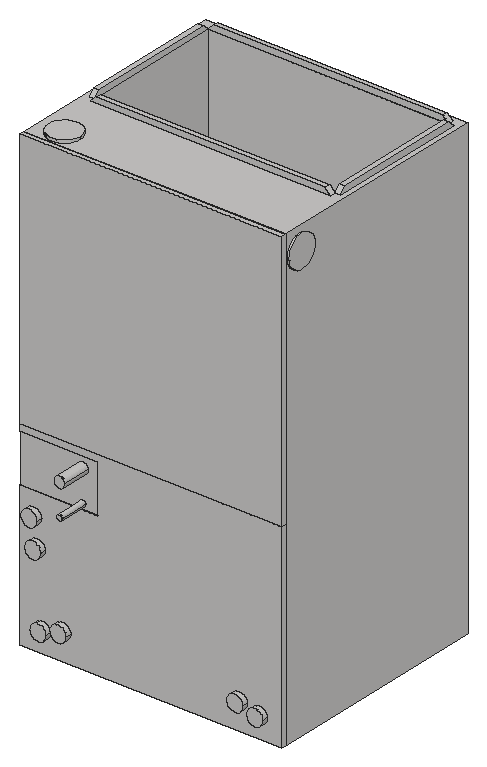
Revit family
Parameters (values of type "PVFY-P54E00A")
  Width = 24 1/2"
  Vertical Drain Connections = 193/256"
  URL = ""
  Type Comments = ""
  Subcategory = "HVAC"  # constant formula
  Specification URL = "\"http://www.mrslim.com/customerCare/resources.asp\""
  SmartBIM Object Version = 3  # constant formula
  SmartBIM Object Created By = "Reed Construction Data"  # constant formula
  Refrigerant Pipe diameter (Liquid) = "3/8\""
  Refrigerant Pipe diameter (Gas) = "5/8\""
  Power Source = "208/230, 1, 60"  # constant formula
  Power Consumption Heating = "0.171 / 0.171 kW"  # constant formula
  Power Consumption Cooling = "0.171 / 0.171 kW"  # constant formula
  Unit Weight (LBS) = "168"
  Motor Type = "High Efficiency DC Motor"  # constant formula
  Model = "PVFY-P54E00A"
  Manufacturer URL = "http://www.mrslim.com/customerCare/resources.asp"
  MCA = "3.53/3.14"
  Manufacturer = "Mitsubishi Electric"  # constant formula
  Low Voltage Inlet = 1 1/2"
  Liquid Pipe Radius = 65/256"
  Line Voltage Inlet = 1 1/2"
  Installation URL = "http://www.mrslim.com/customerCare/resources.asp"
  Height = 58 3/4"
  Gas Pipe Radius = 1/2"
  Fan Type & Quantity = "Forward Curved Blower x 1"  # constant formula
  Fan capacity (CFM) = "1114-1426-1576"
  E.S.P (In. W.G.) = ".30-.50"
  External Heat Adapter (Option) = "PAC-YU25HT-F"  # constant formula
  External Finish = Pre-painted heavy-gauge steel
  Drain Connections Primary and Secondary = "FPT 3/4\" / 19.05 mm"
  Horizontal Drain Connections = 193/256"
  Description = "Vertical Air Handler"
  Depth = 21 3/4"
  MOCP = "15"
  Default Elevation = 48"
  Current Heating = "0.69 / 0.61 A"
  Current Cooling = "0.69 / 0.61 A"
  Coil Type = "Cross Fin(Aluminum Plate Fin and Copper Tube)"  # constant formula
  Heating Capacity (BTU) = "60000"
  Cooling Capacity (BTU) = "54000"
  CN24 Relay Kit (Option) = "CN24RELAY-KIT-CM"  # constant formula
  Assembly Code = "D3050200"
  95 CSI = "15760"  # constant formula
  04 CSI = "23 82 19"  # constant formula
Types (7): name | Width | Refrigerant Pipe diameter (Liquid) | Refrigerant Pipe diameter (Gas) | Unit Weight (LBS) | Model | MCA | Height | Fan capacity (CFM) | Depth | Heating Capacity (BTU) | Cooling Capacity (BTU)
  PVFY-P12E00A | 17 3/4" | "1/4\"" | "1/2\"" | "88" | "PVFY-P12E00A" | "0.86/0.76" | 42 3/4" | "243-320-376 " | 21" | "13500" | "12000"
  PVFY-P18E00A | 17 3/4" | "1/4\"" | "1/2\"" | "98" | "PVFY-P18E00A" | "1.85/1.64" | 42 3/4" | "385-481-531 " | 21" | "20000" | "18000"
  PVFY-P24E00A | 17 3/4" | "3/8\"" | "5/8\"" | "108" | "PVFY-P24E00A" | "1.85/1.64" | 42 3/4" | "483-636-705" | 21" | "27000" | "24000"
  PVFY-P30E00A | 21" | "3/8\"" | "5/8\"" | "115" | "PVFY-P30E00A" | "2.97/2.64" | 42 3/4" | "637-800-886" | 21" | "34000" | "30000"
  PVFY-P36E00A | 21" | "3/8\"" | "5/8\"" | "120" | "PVFY-P36E00A" | "2.41/2.14" | 42 3/4" | "784-954-1057" | 21" | "40000" | "36000"
  PVFY-P48E00A | 24 1/2" | "3/8\"" | "5/8\"" | "160" | "PVFY-P48E00A" | "2.84/2.51" | 58 3/4" | "982-1268-1405" | 21 3/4" | "54000" | "48000"
  PVFY-P54E00A | 24 1/2" | "3/8\"" | "5/8\"" | "168" | "PVFY-P54E00A" | "3.53/3.14" | 58 3/4" | "1114-1426-1576" | 21 3/4" | "60000" | "54000"
Reference planes (in)
  plane 1 "Center (Front/Back)": y = -6.30137
  plane 2: z = 0
  plane 3 "Center (Left/Right)": x = -3.35057
  plane 4: y = 4.22988
  plane 5: y = -17.52012
  plane 6: x = -15.60057
  plane 7: x = 8.89943
  plane 8: z = 42.875
  plane 9: y = 3.72988
  plane 10: x = -15.10057
  plane 11: x = 8.39943
  plane 12: y = 3.22988
  plane 13: y = -10.52012
  plane 14: y = -10.02012
  plane 15: x = -14.60057
  plane 16: x = 7.89943
  plane 17: x = -9.72557
  plane 18: y = -20.20762
  plane 19: y = -17.08262
  plane 20: z = 18.54366
  plane 21: z = 18.54366
  plane 22: y = -17.44145
  plane 23: z = 43.40533
  plane 24: y = -18.02012
  plane 25: z = 2.00962
  plane 26: z = 43.10938
  plane 27: x = 9.14943
  plane 28: z = 0.125
  plane 29: y = -41.52012
Forms (in)
  Extrusion 1, solid, material "Pre-painted heavy-gauge steel" <- "External Finish"
    sketch origin (0, 0, 0) x (1, 0, 0) y (0, 1, 0)
      loop
        line (-15.60057, 4.22988) -> (-15.60057, -17.08262) -> (8.89943, -17.08262) -> (8.89943, 4.22988) -> (-15.60057, 4.22988)
      loop
        line (-14.60057, 3.22988) -> (-14.60057, -10.02012) -> (7.89943, -10.02012) -> (7.89943, 3.22988) -> (-14.60057, 3.22988)
    from 0 to 42.875
  Extrusion 2, solid, material "Pre-painted heavy-gauge steel" <- "External Finish"
    sketch origin (0, -6.30137, 0) x (1, 0, 0) y (0, 0, 1)
      loop
        line (-14.60057, 42.875) -> (7.89943, 42.875) -> (7.3691, 43.40533) -> (-14.07024, 43.40533) -> (-14.60057, 42.875)
    from 3.71875 to 4.21875
  Extrusion 3, solid, material "Pre-painted heavy-gauge steel" <- "External Finish"
    sketch origin (0, 0.13613, 0) x (1, 0, 0) y (0, 0, -1)
      loop
        line (-14.60057, -42.875) -> (-14.07024, -43.40533) -> (7.3691, -43.40533) -> (7.89943, -42.875) -> (-14.60057, -42.875)
    from 3.09375 to 3.59375
  Extrusion 4, solid, material "Pre-painted heavy-gauge steel" <- "External Finish"
    sketch origin (-6.13182, -1.23205, 0) x (0, 1, 0) y (0, 0, -1)
      loop
        line (-8.78807, -42.875) -> (-8.25774, -43.40533) -> (3.9316, -43.40533) -> (4.46193, -42.875) -> (-8.78807, -42.875)
    from 8.46875 to 8.96875
  Extrusion 5, solid, material "Pre-painted heavy-gauge steel" <- "External Finish"
    sketch origin (0.68068, -1.23205, 0) x (0, 1, 0) y (0, 0, 1)
      loop
        line (-8.78807, 42.875) -> (4.46193, 42.875) -> (3.9316, 43.40533) -> (-8.25774, 43.40533) -> (-8.78807, 42.875)
    from 7.21875 to 7.71875
  Extrusion 6, solid, material "Pre-painted heavy-gauge steel" <- "External Finish"
    sketch origin (0, -6.30137, 0) x (1, 0, 0) y (0, 0, 1)
      loop
        circle (-9.72557, 16.90744) r 0.5
    from 11.21875 to 13.90625
  Extrusion 7, solid, material "Pre-painted heavy-gauge steel" <- "External Finish"
    sketch origin (0, -6.30137, 0) x (1, 0, 0) y (0, 0, 1)
      loop
        circle (-9.72557, 13.94192) r 0.25391
    from 11.21875 to 13.90625
  Extrusion 8, solid, material "Pre-painted heavy-gauge steel" <- "External Finish"
    sketch origin (-3.35057, 0, 0) x (0, 1, 0) y (0, 0, 1)
      loop
        line (-17.08262, 18.54366) -> (-17.08262, 42.875) -> (-17.52012, 42.875) -> (-17.52012, 18.54366) -> (-17.08262, 18.54366)
    from -12.25 to 12.25
  Extrusion 9, solid, material "Pre-painted heavy-gauge steel" <- "External Finish"
    sketch origin (-3.35057, 0, 0) x (0, 1, 0) y (0, 0, 1)
      loop
        line (-17.08262, 0) -> (-17.08262, 18.54366) -> (-17.52012, 18.54366) -> (-17.52012, 0) -> (-17.08262, 0)
    from -12.25 to 12.25
  Extrusion 10, void
    sketch origin (0, -6.30137, 0) x (1, 0, 0) y (0, 0, 1)
      loop
        line (-15.60057, 17.93045) -> (-15.60057, 13.43045) -> (-8.35057, 13.43045) -> (-8.35057, 17.93045) -> (-15.60057, 17.93045)
    from 11.14008 to 11.21875
  Extrusion 11, solid, material "Pre-painted heavy-gauge steel" <- "External Finish"
    sketch origin (0, -6.30137, 0) x (1, 0, 0) y (0, 0, 1)
      loop
        circle (-14.34338, 11.30656) r 0.75391
    from 11.21875 to 11.71875
  Extrusion 12, solid, material "Pre-painted heavy-gauge steel" <- "External Finish"
    sketch origin (0, -6.30137, 0) x (1, 0, 0) y (0, 0, 1)
      loop
        circle (-13.99874, 8.73588) r 0.75391
    from 11.21875 to 11.71875
  Extrusion 13, solid, material "Pre-painted heavy-gauge steel" <- "External Finish"
    sketch origin (0, -6.30137, 0) x (1, 0, 0) y (0, 0, 1)
      loop
        circle (-13.48787, 2.00962) r 0.75391
    from 11.21875 to 11.71875
  Extrusion 14, solid, material "Pre-painted heavy-gauge steel" <- "External Finish"
    sketch origin (0, -6.30137, 0) x (1, 0, 0) y (0, 0, 1)
      loop
        circle (-11.61986, 2.5711) r 0.75391
    from 11.21875 to 11.71875
  Extrusion 15, solid, material "Pre-painted heavy-gauge steel" <- "External Finish"
    sketch origin (-6.70114, -6.30137, 0) x (-1, 0, 0) y (0, 0, -1)
      loop
        circle (-13.48787, -2.00962) r 0.75391
    from 11.21875 to 11.71875
  Extrusion 16, solid, material "Pre-painted heavy-gauge steel" <- "External Finish"
    sketch origin (-6.70114, -6.30137, 0) x (-1, 0, 0) y (0, 0, -1)
      loop
        circle (-11.61986, -2.5711) r 0.75391
    from 11.21875 to 11.71875
  Extrusion 17, solid, material "Pre-painted heavy-gauge steel" <- "External Finish"
    sketch origin (0, 0, 0) x (1, 0, 0) y (0, 1, 0)
      loop
        circle (-13.14291, -15.39165) r 1.5
    from 42.875 to 43.10938
  Extrusion 18, solid, material "Pre-painted heavy-gauge steel" <- "External Finish"
    sketch origin (-3.35057, 0, -0.625) x (0, 1, 0) y (0, 0, 1)
      loop
        circle (-15.46825, 41.47026) r 1.5
    from 12.25 to 12.5
  Extrusion 19, solid, material "Pre-painted heavy-gauge steel" <- "External Finish"
    sketch origin (0, 0, 0) x (1, 0, 0) y (0, 1, 0)
      loop
        line (-14.60057, 3.22988) -> (-14.60057, -10.02012) -> (7.89943, -10.02012) -> (7.89943, 3.22988) -> (-14.60057, 3.22988)
    from 0 to 0.125
Cuts and joins
  Extrusion 10 cuts Extrusion 1
  joined: Extrusion 1, Extrusion 19
  Extrusion 10 cuts Extrusion 6
  Extrusion 10 cuts Extrusion 7
  Extrusion 10 cuts Extrusion 9
Lines and regions (in)
  symbolic lines, style "Clearances"
    curve 1: line (-15.60057, -17.52012, 0) -> (-15.60057, -41.52012, 0)
    curve 2: line (-15.60057, -41.52012, 0) -> (8.89943, -41.52012, 0)
    curve 3: line (8.89943, -41.52012, 0) -> (8.89943, -17.52012, 0)
Dimensions and locks (in)
  equal spacing: plane 6, plane 3 "Center (Left/Right)", plane 7
  "Width": plane 6 to plane 7
  plane 4 to plane 1 "Center (Front/Back)" to plane 5 = 10 17/32", 11 7/32"
  "Depth": plane 4 to plane 5
  plane 8 to level = 42 7/8"
  locked: Extrusion 1 sketch curve to Extrusion 1 sketch curve at 1  (x3)
  Extrusion 1 sketch curve to Extrusion 1 sketch curve = 7 1/16"
  locked: Extrusion 5 to plane 11 at 0.5
  locked: Extrusion 3 sketch curve to plane 6 at 1.53033
  locked: Extrusion 2 sketch curve to plane 6 at 1.53033
  locked: plane 9 to plane 12 at 0.5
  locked: plane 13 to plane 14 at 0.5
  locked: plane 5 to plane 13 at 7
  locked: plane 4 to plane 9 at 0.5
  locked: plane 10 to plane 15 at 0.5
  locked: plane 6 to plane 10 at 0.5
  locked: plane 16 to plane 11 at 0.5
  locked: plane 11 to plane 7 at 0.5
  locked: plane 17 to plane 6 at 5.875
  locked: plane 5 to plane 18 at 2.6875
  locked: plane 19 to plane 5 at 0.4375
  locked: plane 19 to plane 22 at 0.35883
  locked: plane 23 to plane 8 at 0.53033
  locked: plane 5 to plane 24 at 0.5
  locked: plane 26 to plane 8 at 0.23437
  locked: plane 27 to plane 7 at 0.25
  locked: plane 28 to level at 0.125
  locked: plane 29 to Extrusion 8 at 24
  "Gas Pipe Radius": radius of Extrusion 6 sketch curve
  "Liquid Pipe Radius": radius of Extrusion 7 sketch curve
  "Horizontal Drain Connections": radius of Extrusion 11 sketch curve
  "Horizontal Drain Connections": radius of Extrusion 12 sketch curve
  "Vertical Drain Connections": radius of Extrusion 13 sketch curve
  "Vertical Drain Connections": radius of Extrusion 14 sketch curve
  "Vertical Drain Connections": radius of Extrusion 15 sketch curve
  "Vertical Drain Connections": radius of Extrusion 16 sketch curve
  "Line Voltage Inlet": radius of Extrusion 17 sketch curve
  "Low Voltage Inlet": radius of Extrusion 18 sketch curve
  aligned and locked: Extrusion 1 sketch curve to plane 6
  aligned and locked: Extrusion 1 sketch curve to plane 4
  aligned and locked: Extrusion 1 sketch curve to plane 7
  aligned and locked: Extrusion 2 sketch curve to plane 8
  aligned and locked: plane 10 to Extrusion 4
  aligned and locked: plane 11 to Extrusion 5
  aligned and locked: Extrusion 3 to plane 12
  aligned and locked: Extrusion 3 to plane 9
  aligned and locked: Extrusion 2 to plane 14
  aligned and locked: Extrusion 2 to plane 13
  aligned and locked: plane 15 to Extrusion 4
  aligned and locked: plane 16 to Extrusion 5
  aligned and locked: plane 18 to Extrusion 6
  aligned and locked: plane 18 to Extrusion 7
  aligned and locked: Extrusion 1 to plane 19
  aligned and locked: plane 19 to Extrusion 8 sketch curve
  aligned and locked: plane 8 to Extrusion 8 sketch curve
  aligned and locked: plane 5 to Extrusion 8 sketch curve
  aligned and locked: plane 20 to Extrusion 8 sketch curve
  aligned and locked: Extrusion 8 to plane 6
  aligned and locked: plane 7 to Extrusion 8
  aligned and locked: plane 19 to Extrusion 9 sketch curve
  aligned and locked: plane 21 to Extrusion 9 sketch curve
  aligned and locked: plane 5 to Extrusion 9 sketch curve
  aligned and locked: level to Extrusion 9 sketch curve
  aligned and locked: Extrusion 9 to plane 6
  aligned and locked: Extrusion 9 to Extrusion 1
  aligned and locked: plane 5 to Extrusion 6
  aligned and locked: plane 5 to Extrusion 7
  aligned and locked: Extrusion 10 to plane 5
  aligned and locked: Extrusion 1 sketch curve to plane 14
  aligned and locked: plane 22 to cut or joined group of Extrusion 9, Extrusion 10
  aligned and locked: Extrusion 2 to plane 23
  aligned and locked: cut or joined group of Extrusion 1, Extrusion 10, Extrusion 19 to plane 8
  aligned and locked: plane 5 to Extrusion 11
  aligned and locked: plane 24 to Extrusion 11
  aligned and locked: plane 5 to Extrusion 12
  aligned and locked: plane 24 to Extrusion 12
  aligned and locked: plane 5 to Extrusion 13
  aligned and locked: plane 24 to Extrusion 13
  aligned and locked: plane 5 to Extrusion 14
  aligned and locked: plane 24 to Extrusion 14
  aligned and locked: plane 24 to Extrusion 16
  aligned and locked: plane 5 to Extrusion 16
  aligned and locked: plane 5 to Extrusion 15
  aligned and locked: Extrusion 17 to plane 8
  aligned and locked: plane 26 to Extrusion 17
  aligned and locked: Extrusion 18 to plane 7
  aligned and locked: plane 27 to Extrusion 18
  aligned and locked: plane 24 to Extrusion 15
  aligned and locked: Extrusion 19 sketch curve to plane 12
  aligned and locked: Extrusion 19 sketch curve to plane 14
  aligned and locked: Extrusion 19 sketch curve to Extrusion 4
  aligned and locked: Extrusion 19 sketch curve to plane 16
  aligned and locked: level to Extrusion 19
  aligned and locked: Extrusion 19 to plane 28
  aligned and locked: plane 6 to curve 1
  aligned and locked: plane 29 to curve 2
  aligned and locked: plane 7 to curve 3
Automatic sketch dimensions
  Extrusion 2 sketch curve to plane 15 = 0"
  Extrusion 2 sketch curve to plane 23 = 0"
  Extrusion 2 sketch curve to plane 16 = 0"
  plane 16 to Extrusion 2 sketch curve = 0.53033"
  Extrusion 3 sketch curve to plane 8 = 0"
  Extrusion 3 sketch curve to plane 15 = 0"
  Extrusion 3 sketch curve to plane 23 = 0"
  Extrusion 3 sketch curve to plane 16 = 0"
  plane 16 to Extrusion 3 sketch curve = 0.53033"
  Extrusion 4 sketch curve to plane 8 = 0"
  Extrusion 4 sketch curve to plane 14 = 0"
  Extrusion 4 sketch curve to plane 23 = 0"
  Extrusion 4 sketch curve to plane 12 = 0"
  Extrusion 4 sketch curve to plane 14 = 0.53033"
  Extrusion 4 sketch curve to plane 12 = 0.53033"
  Extrusion 5 sketch curve to plane 8 = 0"
  Extrusion 5 sketch curve to plane 14 = 0"
  Extrusion 5 sketch curve to plane 23 = 0"
  Extrusion 5 sketch curve to plane 12 = 0"
  Extrusion 5 sketch curve to plane 14 = 0.53033"
  Extrusion 5 sketch curve to plane 12 = 0.53033"
  Extrusion 6 sketch curve to plane 17 = 0"
  Extrusion 6 sketch curve to plane 21 = 1.63622"
  Extrusion 7 sketch curve to plane 17 = 0"
  Extrusion 7 sketch curve to plane 21 = 4.60174"
  Extrusion 10 sketch curve to plane 6 = 0"
  plane 17 to Extrusion 10 sketch curve = 1 3/8"
  Extrusion 10 sketch curve to plane 21 = 5.11321"
  Extrusion 10 sketch curve to plane 21 = 0.61321"
  Extrusion 11 sketch curve to plane 15 = 0.25719"
  Extrusion 11 sketch curve to plane 21 = 7.23709"
  Extrusion 12 sketch curve to plane 15 = 0.60183"
  Extrusion 12 sketch curve to plane 25 = 6.72627"
  Extrusion 13 sketch curve to plane 25 = 0"
  Extrusion 13 sketch curve to plane 15 = 1.1127"
  Extrusion 14 sketch curve to plane 25 = 0.56148"
  Extrusion 14 sketch curve to plane 17 = 1.89429"
  Extrusion 15 sketch curve to plane 25 = 0"
  Extrusion 15 sketch curve to plane 16 = 1.1127"
  plane 25 to Extrusion 16 sketch curve = 0.56148"
  Extrusion 16 sketch curve to plane 16 = 2.98071"
  Extrusion 17 sketch curve to plane 15 = 1.45766"
  plane 19 to Extrusion 17 sketch curve = 1.69097"
  plane 19 to Extrusion 18 sketch curve = 1.61437"
  Extrusion 18 sketch curve to plane 8 = 2.02974"
  curve 3 to plane 5 = 0"
  curve 1 to plane 5 = 0"
Connectors (in)
  piping at (-13.14291, -15.39165, 43.10938), driven by "Line Voltage Inlet"
    settings: on Extrusion 17, index 1
  piping at (8.89943, -15.46825, 40.84526), driven by "Low Voltage Inlet"
    settings: on Extrusion 18, index 2
  piping at (-9.72557, -20.20762, 16.90744), driven by "Gas Pipe Radius"
    settings: on cut or joined group of Extrusion 6, Extrusion 10, index 3
  piping at (-9.72557, -20.20762, 13.94192), driven by "Liquid Pipe Radius"
    settings: on cut or joined group of Extrusion 7, Extrusion 10, index 4
  piping at (-14.34338, -18.02012, 11.30656), driven by "Horizontal Drain Connections"
    settings: on Extrusion 11, index 5
  piping at (-13.99874, -18.02012, 8.73588), driven by "Horizontal Drain Connections"
    settings: on Extrusion 12, index 6
  piping at (-13.48787, -18.02012, 2.00962), driven by "Vertical Drain Connections"
    settings: on Extrusion 13, index 7
  piping at (-11.61986, -18.02012, 2.5711), driven by "Vertical Drain Connections"
    settings: on Extrusion 14, index 8
  piping at (4.91872, -18.02012, 2.5711), driven by "Vertical Drain Connections"
    settings: on Extrusion 16, index 9
  piping at (6.78673, -18.02012, 2.00962), driven by "Vertical Drain Connections"
    settings: on Extrusion 15, index 10
